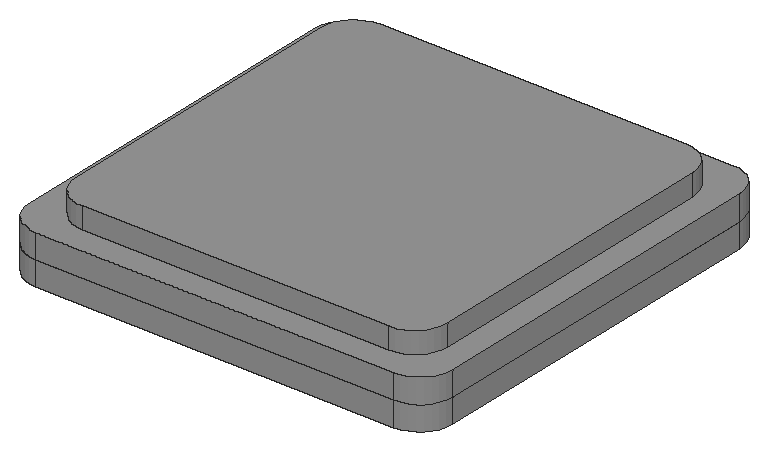
Revit family "FMS2_63_UN_Surface-mounted_ETK", category Lighting Fixtures, Revit 2019 (continued)
Definition of nested family "FMS.2 - Lightsource"
  Types (14, lengths in mm): name | Wattage Comments | Wattage | built-in parameter 1150134 | Photometric Web File | built-in parameter 1150142 | built-in parameter 1150105 | Lumens | built-in parameter 1150107 | built-in parameter 1150106 | Apparent Load
      48\t455.1776\t453.3823\t451.7251\r\n449.9298\t448.2726\t446.063\t443.4391\t440.6771\t437.777\t435.015\t432.3911\t429.7672\t427.0052\r\n424.1051\t421.3431\t418.443\t415.681\t412.7809\t410.0189\t407.2569\t404.4949\t401.5948\t398.6947\r\n395.7946\t393.0326\t390.1325\t387.3705\t384.6085\t381.5703\t378.6702\t375.7701\t372.7319\t369.8318\r\n366.9317\t364.1697\t361.2696\t358.5076\t355.6075\t352.7074\t349.6692\t346.7691\t343.869\t340.6927\r\n337.1021\t333.3734\t329.7828\t326.1922\t322.6016\t319.011\t315.4204\t311.8298\t308.2392\t304.6486\r\n301.058\t297.4674\t293.8768\t290.2862\t286.6956\t283.105\t279.5144\t276.0619\t272.4713\t268.8807\r\n265.2901\t261.8376\t258.3851\t254.9326\t251.4801\t248.0276\t244.5751\t241.1226\t237.6701\t234.2176\r\n230.627\t226.7602\t222.8934\t219.0266\t215.2979\t211.4311\t207.7024\t203.8356\t200.1069\t196.3782\r\n192.6495\t188.9208\t185.1921\t181.4634\t177.8728\t174.1441\t170.5535\t166.8248\t163.2342\t159.6436\r\n156.053\t152.4624\t148.8718\t145.2812\t141.8287\t138.2381\t134.7718\t131.2088\t127.6596\t124.1243\r\n120.6027\t117.095\t113.6149\t110.1624\t106.7099\t103.285\t99.8739\t96.4628\t93.0794\t89.696\r\n86.3263\t82.9705\t79.6285\t76.3003\t72.972\t69.6715\t66.3709\t63.0841\t59.8111\t54.3562\r\n46.3325\t38.3089\t30.2991\t22.2893\t14.2934\t6.2863\t0\t0\t0\t0\r\n0\t0\t0\t0\t0\t0\t0\t0\t0\t0\r\n0\r\n502.9602\t501.8554\t500.7506\t499.6458\t498.6791\t497.7124\t496.8838\t495.779\t494.6742\t493.7075\r\n492.6027\t491.636\t490.5312\t489.4264\t488.3216\t487.2168\t485.9739\t484.731\t483.4881\t482.2452\r\n480.8642\t479.6213\t478.3784\t476.9974\t475.6164\t474.3735\t472.9925\t471.6115\t470.2305\t468.8495\r\n467.3304\t465.9494\t464.4303\t462.9112\t461.3921\t459.873\t458.3539\t456.9729\t455.4538\t453.2442\r\n450.6203\t447.8583\t445.2344\t442.6105\t439.8485\t437.2246\t434.6007\t431.9768\t429.3529\t426.5909\r\n423.8289\t421.0669\t418.443\t415.681\t413.0571\t410.2951\t407.5331\t404.7711\t402.0091\t399.2471\r\n396.4851\t393.7231\t390.9611\t388.3372\t385.5752\t382.8132\t380.0512\t377.2892\t374.5272\t371.7652\r\n369.0032\t366.2412\t363.4792\t360.5791\t357.8171\t354.0884\t350.6359\t347.0453\t343.4547\t340.0022\r\n336.5497\t332.9591\t329.5066\t325.916\t322.4635\t318.8729\t315.2823\t311.8298\t308.2392\t304.7867\r\n301.3342\t297.8817\t294.2911\t290.8386\t287.3861\t283.9336\t280.4811\t277.0286\t273.5761\t270.1236\r\n266.6711\t263.2186\t259.9042\t256.4517\t252.9992\t249.6848\t245.818\t241.9512\t238.2225\t234.3557\r\n230.627\t226.7602\t223.0315\t219.1647\t215.436\t211.7073\t207.9786\t204.2499\t200.5212\t196.7925\r\n193.2019\t189.4732\t185.7445\t182.1539\t178.5633\t174.8346\t171.244\t167.6534\t164.0628\t160.4722\r\n156.8816\t153.291\t149.7004\t146.1098\t142.5192\t138.9286\t135.338\t131.7612\t128.212\t124.6629\r\n121.1275\t117.5922\t114.0706\t110.5629\t107.0689\t103.575\t100.1087\t96.6424\t93.2037\t89.765\r\n86.3401\t82.9152\t79.5042\t76.0931\t72.6958\t69.3124\t65.9289\t61.6064\t53.4999\t45.4073\r\n37.3008\t29.222\t21.1293\t13.0463\t4.9661\t0\t0\t0\t0\t0\r\n0\t0\t0\t0\t0\t0\t0\t0\t0\t0\r\n0\r\n502.9602\t501.8554\t500.7506\t499.6458\t498.6791\t497.7124\t496.7457\t495.779\t494.6742\t493.5694\r\n492.6027\t491.4979\t490.3931\t489.4264\t488.3216\t487.2168\t486.112\t484.8691\t483.7643\t482.5214\r\n481.2785\t480.0356\t478.7927\t477.4117\t476.1688\t474.9259\t473.5449\t472.302\t471.0591\t469.6781\r\n468.2971\t466.9161\t465.5351\t464.2922\t462.9112\t461.5302\t460.0111\t457.6634\t455.0395\t452.5537\r\n450.0679\t447.5821\t444.9582\t442.4724\t439.8485\t437.2246\t434.4626\t431.8387\t429.2148\t426.5909\r\n423.967\t421.3431\t418.7192\t416.2334\t413.4714\t410.8475\t408.2236\t405.4616\t402.8377\t400.2138\r\n397.5899\t394.966\t392.3421\t389.5801\t386.9562\t384.1942\t381.5703\t378.9464\t376.3225\t373.6986\r\n371.0747\t367.7603\t364.3078\t360.8553\t357.4028\t353.9503\t350.4978\t347.0453\t343.5928\t340.0022\r\n336.6878\t333.2353\t329.7828\t326.1922\t322.7397\t319.2872\t315.8347\t312.3822\t308.9297\t305.4772\r\n302.0247\t298.7103\t295.2578\t291.9434\t288.4909\t285.1765\t281.724\t278.2715\t274.9571\t271.5046\r\n268.1902\t264.8758\t261.1471\t257.4184\t253.5516\t249.8229\t245.9561\t242.2274\t238.4987\t234.6319\r\n230.9032\t227.1745\t223.4458\t219.7171\t215.9884\t212.2597\t208.531\t204.9404\t201.2117\t197.483\r\n193.8924\t190.1637\t186.5731\t182.8444\t179.2538\t175.5251\t171.9345\t168.3439\t164.7533\t161.1627\r\n157.434\t153.8434\t150.1147\t146.5241\t142.9335\t139.3429\t135.7385\t132.1617\t128.5849\t125.0219\r\n121.4728\t117.9236\t114.3882\t110.8529\t107.3175\t103.7822\t100.2606\t96.739\t93.2313\t89.7236\r\n86.2296\t82.7357\t79.2556\t75.7893\t72.3092\t68.8428\t61.7998\t53.6104\t45.4349\t37.2594\r\n29.0839\t20.9222\t12.7535\t4.5891\t0\t0\t0\t0\t0\t0\r\n0\t0\t0\t0\t0\t0\t0\t0\t0\t0\r\n0\r\n502.9602\t501.8554\t500.7506\t499.6458\t498.541\t497.5743\t496.6076\t495.6409\t494.6742\t493.5694\r\n492.6027\t491.4979\t490.3931\t489.4264\t488.3216\t487.2168\t486.2501\t485.1453\t483.9024\t482.7976\r\n481.6928\t480.4499\t479.3451\t478.1022\t476.8593\t475.6164\t474.3735\t473.1306\t471.8877\t470.6448\r\n469.4019\t468.159\t466.9161\t465.6732\t464.2922\t462.2207\t459.7349\t457.2491\t454.7633\t452.4156\r\n449.9298\t447.444\t444.8201\t442.3343\t439.7104\t437.2246\t434.7388\t432.253\t429.6291\t427.1433\r\n424.6575\t422.0336\t419.4097\t416.9239\t414.3\t411.6761\t409.1903\t406.5664\t404.0806\t401.4567\r\n398.8328\t396.347\t393.7231\t391.2373\t388.6134\t385.9895\t383.5037\t380.8798\t377.8416\t374.3891\r\n370.9366\t367.6222\t364.1697\t360.7172\t357.2647\t353.9503\t350.4978\t347.1834\t343.7309\t340.2784\r\n336.964\t333.5115\t330.1971\t326.7446\t323.4302\t319.9777\t316.6633\t313.2108\t309.8964\t306.582\r\n303.1295\t299.8151\t296.5007\t293.1863\t289.8719\t286.4194\t283.105\t279.7906\t276.4762\t272.8856\r\n269.0188\t265.2901\t261.4233\t257.6946\t253.9659\t250.2372\t246.3704\t242.6417\t238.913\t235.1843\r\n231.4556\t227.7269\t223.9982\t220.2695\t216.6789\t212.9502\t209.2215\t205.6309\t201.9022\t198.1735\r\n194.5829\t190.8542\t187.2636\t183.673\t179.9443\t176.3537\t172.7631\t169.0344\t165.4438\t161.7151\r\n158.1245\t154.3958\t150.8052\t147.0765\t143.4859\t139.8953\t136.1942\t132.576\t128.9578\t125.3534\r\n121.749\t118.1722\t114.5816\t111.0048\t107.428\t103.865\t100.2882\t96.739\t93.1761\t89.6269\r\n86.0777\t82.5286\t78.9932\t75.444\t71.301\t63.0288\t54.7705\t46.4983\t38.2399\t29.9953\r\n21.7369\t13.4896\t5.2423\t0\t0\t0\t0\t0\t0\t0\r\n0\t0\t0\t0\t0\t0\t0\t0\t0\t0\r\n0\r\n502.9602\t501.8554\t500.7506\t499.6458\t498.6791\t497.5743\t496.6076\t495.6409\t494.6742\t493.7075\r\n492.6027\t491.636\t490.5312\t489.4264\t488.4597\t487.3549\t486.3882\t485.2834\t484.1786\t483.2119\r\n482.1071\t481.0023\t479.8975\t478.7927\t477.6879\t476.445\t475.3402\t474.0973\t472.8544\t471.7496\r\n470.5067\t469.2638\t468.0209\t466.778\t464.4303\t461.9445\t459.5968\t457.2491\t454.7633\t452.2775\r\n449.9298\t447.444\t444.9582\t442.4724\t440.1247\t437.6389\t435.1531\t432.6673\t430.1815\t427.6957\r\n425.2099\t422.7241\t420.2383\t417.7525\t415.2667\t412.7809\t410.4332\t407.9474\t405.4616\t402.9758\r\n400.49\t398.0042\t395.5184\t393.0326\t390.5468\t388.061\t384.6085\t381.2941\t377.8416\t374.5272\r\n371.0747\t367.7603\t364.4459\t360.9934\t357.679\t354.3646\t351.0502\t347.7358\t344.2833\t340.9689\r\n337.6545\t334.3401\t331.0257\t327.7113\t324.2588\t320.9444\t317.63\t314.3156\t311.0012\t307.6868\r\n304.3724\t301.058\t297.8817\t294.5673\t291.2529\t287.9385\t284.486\t280.7573\t276.8905\t273.1618\r\n269.4331\t265.7044\t261.8376\t258.1089\t254.3802\t250.6515\t246.9228\t243.3322\t239.6035\t235.8748\r\n232.1461\t228.4174\t224.6887\t221.0981\t217.3694\t213.6407\t210.0501\t206.3214\t202.7308\t199.0021\r\n195.4115\t191.6828\t188.0922\t184.3635\t180.7729\t177.0442\t173.4536\t169.7249\t165.9962\t162.4056\r\n158.6769\t154.9482\t151.3576\t147.6289\t144.0383\t140.3096\t136.7052\t133.0455\t129.3859\t125.74\r\n122.0942\t118.4622\t114.8302\t111.1981\t107.5799\t103.9617\t100.3435\t96.7252\t93.1208\t89.5164\r\n85.912\t82.3214\t78.7308\t73.704\t65.3627\t57.0215\t48.6803\t40.339\t32.0116\t23.6703\r\n15.3429\t7.0072\t0\t0\t0\t0\t0\t0\t0\t0\r\n0\t0\t0\t0\t0\t0\t0\t0\t0\t0\r\n0\r\n502.9602\t501.8554\t500.8887\t499.7839\t498.6791\t497.7124\t496.6076\t495.6409\t494.6742\t493.7075\r\n492.7408\t491.7741\t490.8074\t489.7026\t488.5978\t487.6311\t486.5263\t485.5596\t484.4548\t483.4881\r\n482.3833\t481.4166\t480.4499\t479.3451\t478.2403\t477.2736\t476.1688\t475.064\t474.0973\t472.9925\r\n471.8877\t470.6448\t469.4019\t466.9161\t464.4303\t462.0826\t459.5968\t457.2491\t454.7633\t452.4156\r\n450.0679\t447.5821\t445.2344\t442.8867\t440.4009\t438.0532\t435.7055\t433.2197\t430.872\t428.3862\r\n426.0385\t423.6908\t421.205\t418.8573\t416.5096\t414.1619\t411.6761\t409.1903\t406.8426\t404.3568\r\n402.0091\t399.5233\t397.1756\t394.6898\t391.5135\t388.1991\t384.8847\t381.5703\t378.2559\t374.9415\r\n371.6271\t368.3127\t364.9983\t361.6839\t358.3695\t355.0551\t351.7407\t348.4263\t345.1119\t341.9356\r\n338.6212\t335.3068\t331.9924\t328.678\t325.3636\t322.0492\t318.7348\t315.5585\t312.2441\t308.9297\r\n305.6153\t302.439\t299.1246\t295.9483\t292.4958\t288.7671\t285.0384\t281.3097\t277.581\t273.8523\r\n270.1236\t266.3949\t262.6662\t258.9375\t255.2088\t251.4801\t247.7514\t244.0227\t240.294\t236.5653\r\n232.8366\t229.246\t225.5173\t221.7886\t218.0599\t214.3312\t210.7406\t207.0119\t203.2832\t199.6926\r\n195.9639\t192.3733\t188.6446\t185.054\t181.3253\t177.5966\t174.006\t170.2773\t166.5486\t162.8199\r\n159.2293\t155.5006\t151.7719\t148.1813\t144.4526\t140.7239\t137.0781\t133.4046\t129.7311\t126.0577\r\n122.398\t118.7246\t115.0649\t111.4053\t107.7594\t104.0998\t100.4401\t96.7943\t93.1485\t89.5026\r\n85.8568\t82.2109\t77.2946\t68.8705\t60.4602\t52.0361\t43.612\t35.2017\t26.7776\t18.3673\r\n9.9584\t1.5467\t0\t0\t0\t0\t0\t0\t0\t0\r\n0\t0\t0\t0\t0\t0\t0\t0\t0\t0\r\n0\r\n502.9602\t501.9935\t500.8887\t499.7839\t498.8172\t497.8505\t496.7457\t495.779\t494.8123\t493.8456\r\n492.8789\t491.9122\t490.9455\t489.9788\t489.0121\t487.9073\t486.9406\t485.9739\t485.0072\t483.9024\r\n482.9357\t481.969\t480.8642\t479.8975\t478.9308\t477.826\t476.8593\t475.8926\t474.7878\t473.8211\r\n472.8544\t471.7496\t469.54\t467.1923\t464.8446\t462.4969\t460.1492\t457.8015\t455.4538\t453.1061\r\n450.7584\t448.2726\t445.9249\t443.5772\t441.0914\t438.7437\t436.396\t434.0483\t431.7006\t429.2148\r\n426.8671\t424.5194\t422.1717\t419.824\t417.4763\t415.2667\t412.919\t410.4332\t408.0855\t405.7378\r\n403.3901\t400.9043\t398.2804\t394.966\t391.7897\t388.4753\t385.1609\t381.9846\t378.6702\t375.4939\r\n372.1795\t369.0032\t365.6888\t362.5125\t359.1981\t356.0218\t352.7074\t349.393\t346.0786\t342.9023\r\n339.5879\t336.4116\t333.0972\t329.7828\t326.6065\t323.2921\t320.1158\t316.8014\t313.6251\t310.3107\r\n307.1344\t303.82\t300.6437\t296.915\t293.1863\t289.4576\t285.7289\t282.0002\t278.2715\t274.5428\r\n270.8141\t267.0854\t263.3567\t259.628\t255.8993\t252.1706\t248.58\t244.8513\t241.1226\t237.3939\r\n233.6652\t229.9365\t226.3459\t222.6172\t218.8885\t215.2979\t211.5692\t207.8405\t204.2499\t200.5212\r\n196.7925\t193.2019\t189.4732\t185.7445\t182.0158\t178.2871\t174.5584\t170.8297\t167.101\t163.5104\r\n159.7817\t156.053\t152.3243\t148.5956\t144.8669\t141.1382\t137.5062\t133.8051\t130.104\t126.4167\r\n122.7157\t119.0284\t115.3411\t111.64\t107.9528\t104.2655\t100.5782\t96.891\t93.2175\t89.5302\r\n85.843\t82.059\t73.5659\t65.0727\t56.5796\t48.1002\t39.6071\t31.1277\t22.6346\t14.1553\r\n5.6704\t0\t0\t0\t0\t0\t0\t0\t0\t0\r\n0\t0\t0\t0\t0\t0\t0\t0\t0\t0\r\n0\r\n502.9602\t501.9935\t501.0268\t499.922\t498.9553\t497.9886\t497.0219\t495.9171\t494.9504\t493.9837\r\n493.017\t492.0503\t491.0836\t490.1169\t489.1502\t488.3216\t487.3549\t486.3882\t485.4215\t484.4548\r\n483.4881\t482.5214\t481.5547\t480.588\t479.6213\t478.6546\t477.6879\t476.7212\t475.7545\t474.7878\r\n473.8211\t472.0258\t469.6781\t467.4685\t465.1208\t462.7731\t460.4254\t458.0777\t455.8681\t453.5204\r\n451.1727\t448.825\t446.6154\t444.2677\t441.92\t439.5723\t437.2246\t435.015\t432.6673\t430.3196\r\n427.9719\t425.7623\t423.4146\t421.0669\t418.7192\t416.3715\t414.1619\t411.8142\t409.4665\t407.2569\r\n404.9092\t402.2853\t399.109\t395.7946\t392.4802\t389.3039\t385.9895\t382.8132\t379.4988\t376.3225\r\n373.0081\t369.8318\t366.5174\t363.203\t360.0267\t356.8504\t353.536\t350.3597\t347.0453\t343.869\r\n340.5546\t337.3783\t334.0639\t330.8876\t327.7113\t324.3969\t321.2206\t317.9062\t314.7299\t311.5536\r\n308.2392\t305.0629\t301.3342\t297.6055\t293.8768\t290.1481\t286.4194\t282.8288\t279.1001\t275.3714\r\n271.6427\t267.914\t264.3234\t260.5947\t256.866\t253.1373\t249.4086\t245.818\t242.0893\t238.3606\r\n234.6319\t230.9032\t227.1745\t223.5839\t219.8552\t216.1265\t212.3978\t208.6691\t205.0785\t201.3498\r\n197.6211\t194.0305\t190.3018\t186.435\t182.7063\t178.9776\t175.2489\t171.5202\t167.7915\t164.0628\r\n160.3341\t156.6054\t152.8767\t149.148\t145.4193\t141.6906\t138.031\t134.3022\t130.5874\t126.8725\r\n123.1438\t119.4289\t115.7002\t111.9853\t108.2704\t104.5555\t100.8406\t97.1257\t93.4108\t89.696\r\n85.9811\t79.5318\t70.9834\t62.4212\t53.8728\t45.3106\t36.7622\t28.2\t19.6516\t11.0991\r\n2.5479\t0\t0\t0\t0\t0\t0\t0\t0\t0\r\n0\t0\t0\t0\t0\t0\t0\t0\t0\t0\r\n0\r\n502.9602\t501.9935\t501.0268\t500.0601\t499.0934\t498.1267\t497.16\t496.3314\t495.3647\t494.398\r\n493.4313\t492.4646\t491.4979\t490.5312\t489.7026\t488.7359\t487.7692\t486.8025\t485.9739\t485.0072\r\n484.0405\t483.0738\t482.2452\t481.2785\t480.3118\t479.4832\t478.5165\t477.5498\t476.7212\t475.7545\r\n474.7878\t472.7163\t470.3686\t468.0209\t465.8113\t463.4636\t461.254\t458.9063\t456.5586\t454.349\r\n452.0013\t449.7917\t447.444\t445.2344\t442.8867\t440.539\t438.3294\t435.9817\t433.7721\t431.4244\r\n429.2148\t426.8671\t424.5194\t422.3098\t419.9621\t417.7525\t415.4048\t413.1952\t410.8475\t408.4998\r\n406.2902\t403.252\t399.9376\t396.7613\t393.4469\t390.2706\t386.9562\t383.7799\t380.6036\t377.2892\r\n374.1129\t370.7985\t367.6222\t364.4459\t361.1315\t357.9552\t354.6408\t351.4645\t348.2882\t344.9738\r\n341.7975\t338.4831\t335.3068\t332.1305\t328.8161\t325.6398\t322.4635\t319.1491\t315.9728\t312.7965\r\n309.4821\t305.8915\t302.1628\t298.5722\t294.8435\t291.1148\t287.3861\t283.6574\t279.9287\t276.2\r\n272.6094\t268.8807\t265.152\t261.4233\t257.6946\t253.9659\t250.3753\t246.6466\t242.9179\t239.1892\r\n235.4605\t231.8699\t228.1412\t224.4125\t220.6838\t216.9551\t213.3645\t209.6358\t205.9071\t202.1784\r\n198.4497\t194.721\t190.9923\t187.2636\t183.5349\t179.8062\t176.0775\t172.3488\t168.482\t164.7533\r\n161.0246\t157.2959\t153.5672\t149.8385\t146.1098\t142.3811\t138.6524\t134.8685\t131.126\t127.3834\r\n123.6547\t119.9122\t116.1697\t112.4272\t108.6985\t104.956\t101.2135\t97.4848\t93.7423\t90.0136\r\n86.2711\t78.1922\t69.5748\t60.9573\t52.3399\t43.7225\t35.105\t26.4876\t17.8701\t9.2582\r\n0.6424\t0\t0\t0\t0\t0\t0\t0\t0\t0\r\n0\t0\t0\t0\t0\t0\t0\t0\t0\t0\r\n0\r\n502.9602\t502.1316\t501.1649\t500.1982\t499.3696\t498.4029\t497.5743\t496.6076\t495.6409\t494.8123\r\n493.8456\t493.017\t492.0503\t491.0836\t490.255\t489.2883\t488.4597\t487.493\t486.5263\t485.6977\r\n484.731\t483.9024\t482.9357\t482.1071\t481.1404\t480.1737\t479.3451\t478.3784\t477.5498\t476.5831\r\n475.6164\t473.4068\t471.0591\t468.8495\t466.6399\t464.2922\t462.0826\t459.7349\t457.5253\t455.1776\r\n452.968\t450.6203\t448.4107\t446.063\t443.8534\t441.6438\t439.2961\t437.0865\t434.7388\t432.5292\r\n430.1815\t427.9719\t425.6242\t423.4146\t421.0669\t418.8573\t416.5096\t414.3\t412.0904\t409.7427\r\n407.5331\t404.2187\t401.0424\t397.8661\t394.5517\t391.3754\t388.1991\t385.0228\t381.7084\t378.5321\r\n375.3558\t372.0414\t368.8651\t365.6888\t362.3744\t359.1981\t356.0218\t352.8455\t349.5311\t346.3548\r\n343.1785\t339.8641\t336.6878\t333.5115\t330.1971\t327.0208\t323.8445\t320.5301\t317.3538\t314.1775\r\n311.0012\t307.2725\t303.5438\t299.8151\t296.0864\t292.3577\t288.629\t284.9003\t281.1716\t277.4429\r\n273.7142\t269.9855\t266.2568\t262.5281\t258.7994\t255.0707\t251.342\t247.6133\t244.0227\t240.294\r\n236.5653\t232.8366\t229.1079\t225.3792\t221.6505\t217.9218\t214.1931\t210.4644\t206.7357\t203.007\r\n199.2783\t195.5496\t191.8209\t188.0922\t184.2254\t180.4967\t176.768\t173.0393\t169.3106\t165.5819\r\n161.7151\t157.9864\t154.2577\t150.529\t146.8003\t142.9335\t139.2048\t135.4761\t131.7336\t127.9773\r\n124.221\t120.4646\t116.7083\t112.952\t109.1957\t105.4532\t101.6968\t97.9405\t94.1842\t90.4279\r\n86.6716\t78.0127\t69.34\t60.6673\t52.0085\t43.3358\t34.6769\t26.0042\t17.3316\t8.6672\r\n0\t0\t0\t0\t0\t0\t0\t0\t0\t0\r\n0\t0\t0\t0\t0\t0\t0\t0\t0\t0\r\n0\r\n502.9602\t501.9935\t501.1649\t500.1982\t499.3696\t498.4029\t497.5743\t496.6076\t495.6409\t494.8123\r\n493.8456\t493.017\t492.1884\t491.2217\t490.3931\t489.4264\t488.5978\t487.6311\t486.8025\t485.9739\r\n485.0072\t484.1786\t483.35\t482.3833\t481.5547\t480.7261\t479.8975\t478.9308\t478.1022\t477.2736\r\n476.445\t474.2354\t472.0258\t469.8162\t467.4685\t465.2589\t463.0493\t460.7016\t458.492\t456.2824\r\n453.9347\t451.7251\t449.5155\t447.1678\t444.9582\t442.6105\t440.4009\t438.0532\t435.8436\t433.4959\r\n431.2863\t428.9386\t426.729\t424.3813\t422.1717\t419.824\t417.6144\t415.2667\t413.0571\t410.7094\r\n408.4998\t405.4616\t402.1472\t398.9709\t395.7946\t392.6183\t389.3039\t386.1276\t382.9513\t379.775\r\n376.4606\t373.2843\t370.108\t366.7936\t363.6173\t360.441\t357.1266\t353.9503\t350.774\t347.5977\r\n344.2833\t341.107\t337.9307\t334.6163\t331.44\t328.2637\t324.9493\t321.773\t318.5967\t315.2823\r\n312.106\t308.5154\t304.7867\t301.058\t297.3293\t293.6006\t289.8719\t286.1432\t282.4145\t278.6858\r\n274.9571\t271.2284\t267.4997\t263.771\t260.0423\t256.3136\t252.5849\t248.8562\t245.1275\t241.3988\r\n237.6701\t233.9414\t230.2127\t226.484\t222.7553\t219.0266\t215.2979\t211.4311\t207.7024\t203.9737\r\n200.245\t196.5163\t192.7876\t189.0589\t185.1921\t181.4634\t177.7347\t173.8679\t170.1392\t166.4105\r\n162.6818\t158.815\t155.0863\t151.3576\t147.4908\t143.7621\t140.0334\t136.2357\t132.4655\t128.6954\r\n124.9253\t121.1551\t117.385\t113.6149\t109.8447\t106.0746\t102.3045\t98.5343\t94.7642\t90.9941\r\n87.224\t79.0623\t70.3481\t61.634\t52.9199\t44.2058\t35.5055\t26.7914\t18.0773\t9.3618\r\n0.6498\t0\t0\t0\t0\t0\t0\t0\t0\t0\r\n0\t0\t0\t0\t0\t0\t0\t0\t0\t0\r\n0\r\n502.9602\t502.1316\t50
